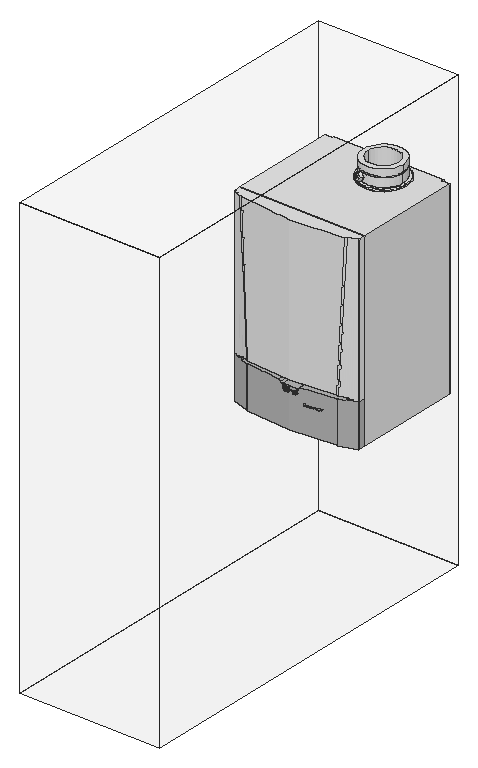
Revit family "Remeha_QuintaPro90_LOD-5", category Mechanical Equipment, Revit 2015 (continued)
Definition of nested family "Quinta-Pro_30-115"
  Automatic sketch dimensions
    plane 3 "Center (Left/Right)" to Extrusion 16 sketch curve = 0.715 mm
    plane 3 "Center (Left/Right)" to Extrusion 16 sketch curve = 0.598 mm
    Extrusion 16 sketch curve to plane 3 "Center (Left/Right)" = 5.417 mm
    Extrusion 16 sketch curve to plane 3 "Center (Left/Right)" = 5.819 mm
    Extrusion 16 sketch curve to plane 3 "Center (Left/Right)" = 0.712 mm
    Extrusion 16 sketch curve to plane 3 "Center (Left/Right)" = 0.714 mm
    Extrusion 16 sketch curve to plane 3 "Center (Left/Right)" = 6.702 mm
    Extrusion 16 sketch curve to Extrusion 16 sketch curve = 1.285 mm
    Extrusion 16 sketch curve to Extrusion 16 sketch curve = 0.842 mm
    Extrusion 16 sketch curve to Extrusion 16 sketch curve = 0.291 mm
    Extrusion 16 sketch curve to Extrusion 16 sketch curve = 1.254 mm
    Extrusion 16 sketch curve to Extrusion 16 sketch curve = 2.312 mm
    Extrusion 16 sketch curve to Extrusion 16 sketch curve = 1.833 mm
    Extrusion 16 sketch curve to Extrusion 16 sketch curve = 0.396 mm
    Extrusion 16 sketch curve to Extrusion 16 sketch curve = 0.591 mm
    Extrusion 16 sketch curve to Extrusion 16 sketch curve = 1.255 mm
    Extrusion 16 sketch curve to Extrusion 16 sketch curve = 1.100 mm
    Extrusion 16 sketch curve to Extrusion 16 sketch curve = 2.233 mm
    Extrusion 16 sketch curve to Extrusion 16 sketch curve = 1.512 mm
    Extrusion 16 sketch curve to Extrusion 16 sketch curve = 0.613 mm  (x8)
    Extrusion 16 sketch curve to Extrusion 16 sketch curve = 0.334 mm  (x2)
    Extrusion 16 sketch curve to Extrusion 16 sketch curve = 1.247 mm
    Extrusion 16 sketch curve to Extrusion 16 sketch curve = 2.474 mm
    Extrusion 16 sketch curve to Extrusion 16 sketch curve = 0.554 mm
    Extrusion 16 sketch curve to Extrusion 16 sketch curve = 4.373 mm
    Extrusion 16 sketch curve to Extrusion 16 sketch curve = 0.342 mm
    Extrusion 16 sketch curve to Extrusion 16 sketch curve = 1.096 mm
    Extrusion 16 sketch curve to Extrusion 16 sketch curve = 0.962 mm
    Extrusion 16 sketch curve to Extrusion 16 sketch curve = 0.753 mm
    Extrusion 16 sketch curve to Extrusion 16 sketch curve = 1.533 mm
    Extrusion 16 sketch curve to Extrusion 16 sketch curve = 1.774 mm
    Extrusion 16 sketch curve to Extrusion 16 sketch curve = 1.331 mm  (x3)
    Extrusion 16 sketch curve to Extrusion 16 sketch curve = 0.983 mm
    Extrusion 16 sketch curve to Extrusion 16 sketch curve = 1.456 mm
    Extrusion 16 sketch curve to Extrusion 16 sketch curve = 1.465 mm
    Extrusion 16 sketch curve to Extrusion 16 sketch curve = 0.035 mm
    Extrusion 16 sketch curve to Extrusion 16 sketch curve = 0.547 mm
    Extrusion 16 sketch curve to Extrusion 16 sketch curve = 0.012 mm  (x2)
    Extrusion 16 sketch curve to Extrusion 16 sketch curve = 0.121 mm
    Extrusion 16 sketch curve to Extrusion 16 sketch curve = 0.119 mm
    Extrusion 16 sketch curve to Extrusion 16 sketch curve = 0.733 mm
    Extrusion 16 sketch curve to Extrusion 16 sketch curve = 0.190 mm
    Extrusion 16 sketch curve to Extrusion 16 sketch curve = 0.935 mm
    Extrusion 16 sketch curve to Extrusion 16 sketch curve = 0.180 mm
    Extrusion 16 sketch curve to Extrusion 16 sketch curve = 1.752 mm
    Extrusion 16 sketch curve to Extrusion 16 sketch curve = 1.829 mm
    Extrusion 16 sketch curve to Extrusion 16 sketch curve = 1.397 mm
    Extrusion 16 sketch curve to Extrusion 16 sketch curve = 4.746 mm
    Extrusion 16 sketch curve to Extrusion 16 sketch curve = 1.360 mm
    Extrusion 16 sketch curve to Extrusion 16 sketch curve = 2.318 mm  (x2)
    level to Extrusion 16 sketch curve = 141.331 mm
    Extrusion 16 sketch curve to Extrusion 16 sketch curve = 0.445 mm  (x2)
    Extrusion 16 sketch curve to Extrusion 16 sketch curve = 0.732 mm
    Extrusion 16 sketch curve to Extrusion 16 sketch curve = 0.565 mm
    Extrusion 16 sketch curve to Extrusion 16 sketch curve = 0.447 mm  (x2)
    Extrusion 16 sketch curve to Extrusion 16 sketch curve = 0.032 mm
    Extrusion 16 sketch curve to Extrusion 16 sketch curve = 0.193 mm
    Extrusion 16 sketch curve to Extrusion 16 sketch curve = 0.740 mm
    Extrusion 16 sketch curve to Extrusion 16 sketch curve = 0.127 mm
    Extrusion 16 sketch curve to Extrusion 16 sketch curve = 0.754 mm  (x2)
    Extrusion 16 sketch curve to Extrusion 16 sketch curve = 0.377 mm
    Extrusion 16 sketch curve to Extrusion 16 sketch curve = 0.920 mm  (x2)
    Extrusion 16 sketch curve to Extrusion 16 sketch curve = 0.932 mm
    Extrusion 16 sketch curve to Extrusion 16 sketch curve = 0.936 mm
    Extrusion 16 sketch curve to Extrusion 16 sketch curve = 0.259 mm
    Extrusion 16 sketch curve to Extrusion 16 sketch curve = 0.689 mm  (x2)
    Extrusion 16 sketch curve to Extrusion 16 sketch curve = 0.926 mm
    Extrusion 16 sketch curve to Extrusion 16 sketch curve = 0.450 mm
    Extrusion 16 sketch curve to Extrusion 16 sketch curve = 0.018 mm
    Extrusion 16 sketch curve to Extrusion 16 sketch curve = 0.893 mm
    Extrusion 16 sketch curve to Extrusion 16 sketch curve = 0.463 mm
    Extrusion 16 sketch curve to Extrusion 16 sketch curve = 1.332 mm
    Extrusion 16 sketch curve to Extrusion 16 sketch curve = 0.655 mm
    Extrusion 16 sketch curve to Extrusion 16 sketch curve = 0.252 mm
    Extrusion 16 sketch curve to Extrusion 16 sketch curve = 1.837 mm
    Extrusion 16 sketch curve to Extrusion 16 sketch curve = 1.356 mm
    Extrusion 16 sketch curve to Extrusion 16 sketch curve = 0.878 mm
    Extrusion 16 sketch curve to Extrusion 16 sketch curve = 0.853 mm  (x2)
    Extrusion 16 sketch curve to Extrusion 16 sketch curve = 2.632 mm
    Extrusion 16 sketch curve to Extrusion 16 sketch curve = 1.290 mm
    Extrusion 16 sketch curve to Extrusion 16 sketch curve = 2.181 mm  (x2)
    Extrusion 16 sketch curve to Extrusion 16 sketch curve = 3.927 mm  (x2)
    Extrusion 16 sketch curve to Extrusion 16 sketch curve = 4.000 mm
    Extrusion 16 sketch curve to Extrusion 16 sketch curve = 4.176 mm
    Extrusion 16 sketch curve to Extrusion 16 sketch curve = 4.128 mm
    Extrusion 16 sketch curve to Extrusion 16 sketch curve = 0.111 mm
    Extrusion 16 sketch curve to Extrusion 16 sketch curve = 0.120 mm
    Extrusion 16 sketch curve to Extrusion 16 sketch curve = 0.274 mm
    Extrusion 16 sketch curve to Extrusion 16 sketch curve = 0.620 mm
    Extrusion 16 sketch curve to Extrusion 16 sketch curve = 0.790 mm
    Extrusion 16 sketch curve to Extrusion 16 sketch curve = 0.421 mm
    Extrusion 16 sketch curve to Extrusion 16 sketch curve = 1.374 mm
    Extrusion 16 sketch curve to Extrusion 16 sketch curve = 0.249 mm
    Extrusion 16 sketch curve to Extrusion 16 sketch curve = 0.473 mm
    Extrusion 16 sketch curve to Extrusion 16 sketch curve = 0.213 mm
    Extrusion 16 sketch curve to Extrusion 16 sketch curve = 1.627 mm
    Extrusion 16 sketch curve to Extrusion 16 sketch curve = 1.599 mm
    Extrusion 16 sketch curve to Extrusion 16 sketch curve = 2.062 mm
    Extrusion 16 sketch curve to Extrusion 16 sketch curve = 0.506 mm  (x2)
    Extrusion 16 sketch curve to Extrusion 16 sketch curve = 0.078 mm
    Extrusion 16 sketch curve to Extrusion 16 sketch curve = 0.283 mm
    Extrusion 16 sketch curve to Extrusion 16 sketch curve = 0.879 mm
    Extrusion 16 sketch curve to Extrusion 16 sketch curve = 0.915 mm  (x2)
    Extrusion 16 sketch curve to Extrusion 16 sketch curve = 0.434 mm
    Extrusion 16 sketch curve to Extrusion 16 sketch curve = 3.430 mm
    Extrusion 16 sketch curve to Extrusion 16 sketch curve = 1.192 mm
    Extrusion 16 sketch curve to Extrusion 16 sketch curve = 0.214 mm
    Extrusion 16 sketch curve to Extrusion 16 sketch curve = 0.048 mm
    Extrusion 16 sketch curve to Extrusion 16 sketch curve = 0.106 mm
    Extrusion 16 sketch curve to Extrusion 16 sketch curve = 0.481 mm
    Extrusion 16 sketch curve to Extrusion 16 sketch curve = 0.269 mm
    Extrusion 16 sketch curve to Extrusion 16 sketch curve = 0.206 mm
    Extrusion 16 sketch curve to Extrusion 16 sketch curve = 1.198 mm
    Extrusion 16 sketch curve to Extrusion 16 sketch curve = 0.312 mm
    Extrusion 16 sketch curve to Extrusion 16 sketch curve = 0.536 mm
    Extrusion 16 sketch curve to Extrusion 16 sketch curve = 0.046 mm
    Extrusion 16 sketch curve to Extrusion 16 sketch curve = 0.241 mm
    Extrusion 16 sketch curve to Extrusion 16 sketch curve = 0.963 mm
    Extrusion 16 sketch curve to Extrusion 16 sketch curve = 0.788 mm
    Extrusion 16 sketch curve to Extrusion 16 sketch curve = 1.274 mm
    Extrusion 16 sketch curve to Extrusion 16 sketch curve = 2.767 mm
    Extrusion 16 sketch curve to Extrusion 16 sketch curve = 1.537 mm
    plane 17 to Extrusion 17 sketch curve = 100.240 mm
    Extrusion 17 sketch curve to Extrusion 17 sketch curve = 60.000 mm
    plane 17 to Extrusion 17 sketch curve = 105.240 mm
    Extrusion 17 sketch curve to Extrusion 17 sketch curve = 10.000 mm
    Extrusion 16 sketch curve to Extrusion 16 sketch curve = 2.813 mm
    plane 3 "Center (Left/Right)" to Revolve 4 sketch curve = 10.981 mm
    Revolve 4 sketch curve to Revolve 4 sketch curve = 0.964 mm
    Revolve 4 sketch curve to Revolve 4 sketch curve = 3.516 mm
    Revolve 4 sketch curve to Revolve 4 sketch curve = 0.069 mm
    Revolve 4 sketch curve to Revolve 4 sketch curve = 0.242 mm
    Revolve 4 sketch curve to Revolve 4 sketch curve = 0.789 mm
    Revolve 4 sketch curve to Revolve 4 sketch curve = 0.932 mm
    Revolve 4 sketch curve to Revolve 4 sketch curve = 0.493 mm
    Revolve 4 sketch curve to Revolve 4 sketch curve = 1.001 mm
    Revolve 4 sketch curve to Revolve 4 sketch curve = 6.259 mm
    Revolve 4 sketch curve to Revolve 4 sketch curve = 2.738 mm
    Revolve 4 sketch curve to Revolve 4 sketch curve = 8.791 mm
    Revolve 4 sketch curve to Revolve 4 sketch curve = 1.095 mm
    Revolve 4 sketch curve to Revolve 4 sketch curve = 4.689 mm
    Revolve 4 sketch curve to Revolve 4 sketch curve = 1.551 mm
    radius of Sweep 8 sketch curve = 91.016 mm
    radius of Extrusion 6 sketch curve = 59.000 mm
  Nested families
    nested 1: "Leg" at (-199.2, -148.4, 0), type "Leg"
    nested 2: "Leg" at (199.2, -148.4, 0), type "Leg"
  Definition of nested family "Leg"
    Parameters
      Leg = none
    Reference planes
      plane 1 "Center (Front/Back)": y = 0
      plane 2: z = 0
      plane 3 "Center (Left/Right)": x = 0
      plane 4: z = 14.999
      plane 5: z = 8.649
    Forms (mm)
      Revolve 1, solid, material <- "Leg"
        sketch origin (-4.368, 0, 0) x (1, 0, 0) y (0, 0, 1)
          loop
            arc (-2.188, 2.311) -> (0.925, 0.686) -> (4.368, 0) r 12.383
            line (4.368, 0) -> (4.368, 8.649) -> (-0.145, 8.649)
            arc (-0.145, 8.649) -> (0.945, 6.602) -> (3.225, 6.181) r 2.669
            line (3.225, 6.181) -> (3.225, 2.311) -> (-2.188, 2.311)
          axis (4.368, 8.649) -> (4.368, 0)
        angle from 0 to 360
    Dimensions and locks
      plane 4 to level = 14.999 mm
      plane 5 to level = 8.649 mm
      aligned and locked: level to plane 2
      aligned: Revolve 1 sketch curve to plane 4  (x2)
